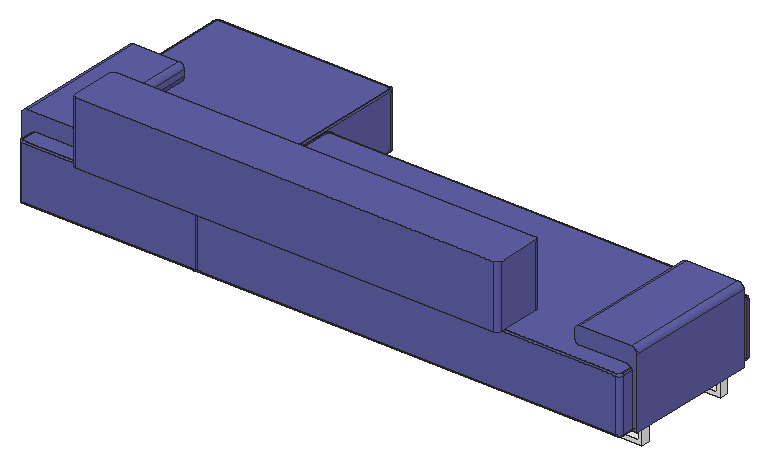
Revit family "9a7926f242b04e8d866ec4b82622f1d8", category Mobilier, Revit 2021
Family settings
  Basée sur le plan de construction = Non
  Toujours verticalement = Oui
  Couper avec des vides une fois chargée = Non
  Partagée = Non
  Point de calcul de pièce = Non
Parameters (values of type "Modèle avec îlot")
  Manufacturer = ""
  Pieds = Métal - Chrome
  Canapé [instance] = Cuir - Bleu
  Elévation par défaut = 0 mm
Reference planes
  plane 1 "Centre (avant/arrière)": y = 0
  plane 2: z = 0
  plane 3 "Centre (gauche/droite)": x = 0
  plane 4: y = 210
  plane 5: y = 810
  plane 6: y = 1410
Forms (mm)
  Extrusion 1, solid, material "Cuir - Bleu" <- "Canapé"
    sketch origin (0, 0, 460) x (1, 0, 0) y (0, 1, 0)
      loop
        arc (-1285.218, 313.341) -> (-1302.679, 306.109) -> (-1309.911, 288.648) r 24.693
        line (-1309.911, 288.648) -> (-1309.911, 24.693)
        arc (-1309.911, 24.693) -> (-1302.679, 7.232) -> (-1285.218, 0) r 24.693
        line (-1285.218, 0) -> (1285.218, 0)
        arc (1285.218, 0) -> (1302.679, 7.232) -> (1309.911, 24.693) r 24.693
        line (1309.911, 24.693) -> (1309.911, 288.648)
        arc (1309.911, 288.648) -> (1302.679, 306.109) -> (1285.218, 313.341) r 24.693
        line (1285.218, 313.341) -> (-1285.218, 313.341)
    from 0 to 385
  Extrusion 2, solid, material "Cuir - Bleu" <- "Canapé"
    sketch origin (0, 0, 115) x (1, 0, 0) y (0, 1, 0)
      loop
        line (-591.622, 50.432) -> (-591.622, 1542.014)
        arc (-591.622, 1542.014) -> (-595.925, 1552.404) -> (-606.315, 1556.708) r 14.693
        line (-606.315, 1556.708) -> (-1649.364, 1556.708)
        arc (-1649.364, 1556.708) -> (-1659.754, 1552.404) -> (-1664.057, 1542.014) r 14.693
        line (-1664.057, 1542.014) -> (-1664.057, 65.125)
        arc (-1664.057, 65.125) -> (-1659.754, 54.735) -> (-1649.364, 50.432) r 14.693
        line (-1649.364, 50.432) -> (-591.622, 50.432)
      loop
        line (-561.505, 50.432) -> (2003.394, 50.432)
        arc (2003.394, 50.432) -> (2013.784, 54.735) -> (2018.088, 65.125) r 14.693
        line (2018.088, 65.125) -> (2018.088, 1016.409)
        arc (2018.088, 1016.409) -> (2013.784, 1026.799) -> (2003.394, 1031.103) r 14.693
        line (2003.394, 1031.103) -> (-546.812, 1031.103)
        arc (-546.812, 1031.103) -> (-557.202, 1026.799) -> (-561.505, 1016.409) r 14.693
        line (-561.505, 1016.409) -> (-561.505, 50.432)
    from 0 to 345
  Extrusion 3, solid, material "Cuir - Bleu" <- "Canapé"
    sketch origin (0, 0, 0) x (1, 0, 0) y (0, 0, 1)
      loop
        line (-1724.67, 115.916) -> (-1674.095, 115.916) -> (-1674.095, 441.718)
        arc (-1674.095, 441.718) -> (-1663.863, 466.421) -> (-1639.159, 476.654) r 34.935
        line (-1639.159, 476.654) -> (-1415.69, 476.654)
        arc (-1415.69, 476.654) -> (-1390.987, 486.886) -> (-1380.755, 511.589) r 34.935
        line (-1380.755, 511.589) -> (-1380.755, 546.448)
        arc (-1380.755, 546.448) -> (-1390.987, 571.151) -> (-1415.69, 581.384) r 34.935
        line (-1415.69, 581.384) -> (-1689.735, 581.384)
        arc (-1689.735, 581.384) -> (-1714.438, 571.151) -> (-1724.67, 546.448) r 34.935
        line (-1724.67, 546.448) -> (-1724.67, 115.916)
      loop
        line (2028.05, 115.916) -> (2058.396, 115.916) -> (2058.396, 546.448)
        arc (2058.396, 546.448) -> (2048.163, 571.151) -> (2023.46, 581.384) r 34.935
        line (2023.46, 581.384) -> (1708.955, 581.384)
        arc (1708.955, 581.384) -> (1684.252, 571.151) -> (1674.02, 546.448) r 34.935
        line (1674.02, 546.448) -> (1674.02, 511.589)
        arc (1674.02, 511.589) -> (1684.252, 486.886) -> (1708.955, 476.654) r 34.935
        line (1708.955, 476.654) -> (1993.115, 476.654)
        arc (1993.115, 476.654) -> (2017.818, 466.421) -> (2028.05, 441.718) r 34.935
        line (2028.05, 441.718) -> (2028.05, 115.916)
    from -950.132 to -131.401
  Sweep 4, solid, material "Cuir - Bleu" <- "Canapé"
    path origin (0, 0, 0) x (1, 0, 0) y (0, 1, 0)
      loop
        line (-606.315, 1556.708) -> (-1649.364, 1556.708)
        arc (-1649.364, 1556.708) -> (-1659.754, 1552.404) -> (-1664.057, 1542.014) r 14.693
        line (-1664.057, 1542.014) -> (-1664.057, 65.125)
        arc (-1664.057, 65.125) -> (-1659.754, 54.735) -> (-1649.364, 50.432) r 14.693
        line (-1649.364, 50.432) -> (-591.622, 50.432) -> (-591.622, 1542.014)
        arc (-591.622, 1542.014) -> (-595.925, 1552.404) -> (-606.315, 1556.708) r 14.693
    profile origin (-1127.84, 1556.708, 0) x (0, -1, 0) y (0, 0, 1)
      loop
        arc (0, 460) -> (-7.071, 457.071) -> (-10, 450) r 10
        line (-10, 450) -> (-10, 125)
        arc (-10, 125) -> (-7.071, 117.929) -> (0, 115) r 10
        line (0, 115) -> (0, 460)
  Sweep 5, solid, material "Cuir - Bleu" <- "Canapé"
    path origin (0, 0, 0) x (1, 0, 0) y (0, 1, 0)
      loop
        line (2003.394, 1031.103) -> (-546.812, 1031.103)
        arc (-546.812, 1031.103) -> (-557.202, 1026.799) -> (-561.505, 1016.409) r 14.693
        line (-561.505, 1016.409) -> (-561.505, 50.432) -> (2003.394, 50.432)
        arc (2003.394, 50.432) -> (2013.784, 54.735) -> (2018.088, 65.125) r 14.693
        line (2018.088, 65.125) -> (2018.088, 1016.409)
        arc (2018.088, 1016.409) -> (2013.784, 1026.799) -> (2003.394, 1031.103) r 14.693
    profile origin (728.291, 1031.103, 0) x (0, -1, 0) y (0, 0, 1)
      loop
        arc (0, 460) -> (-7.071, 457.071) -> (-10, 450) r 10
        line (-10, 450) -> (-10, 125)
        arc (-10, 125) -> (-7.071, 117.929) -> (0, 115) r 10
        line (0, 115) -> (0, 460)
  Extrusion 6, solid, material "Métal - Chrome" <- "Pieds"
    sketch origin (0, 860, 0) x (1, 0, 0) y (0, 0, 1)
      loop
        line (-1676.433, 115.916) -> (-1676.433, 0) -> (-1582.923, 0) -> (-1582.923, 23.14) -> (-1653.621, 23.14) -> (-1653.621, 115.916) -> (-1676.433, 115.916)
      loop
        line (-634.698, 115.916) -> (-634.698, 23.14) -> (-705.397, 23.14) -> (-705.397, 0) -> (-611.887, 0) -> (-611.887, 115.916) -> (-634.698, 115.916)
    from 0 to 50
  Extrusion 7, solid, material "Métal - Chrome" <- "Pieds"
    sketch origin (0, 260, 0) x (1, 0, 0) y (0, 0, 1)
      loop
        line (-1676.433, 115.916) -> (-1676.433, 0) -> (-1582.923, 0) -> (-1582.923, 23.14) -> (-1653.621, 23.14) -> (-1653.621, 115.916) -> (-1676.433, 115.916)
      loop
        line (-634.698, 115.916) -> (-634.698, 23.14) -> (-705.397, 23.14) -> (-705.397, 0) -> (-611.887, 0) -> (-611.887, 115.916) -> (-634.698, 115.916)
    from 0 to 50
  Extrusion 8, solid, material "Métal - Chrome" <- "Pieds"
    sketch origin (0, 1460, 0) x (1, 0, 0) y (0, 0, 1)
      loop
        line (-1676.433, 115.916) -> (-1676.433, 0) -> (-1582.923, 0) -> (-1582.923, 23.14) -> (-1653.621, 23.14) -> (-1653.621, 115.916) -> (-1676.433, 115.916)
      loop
        line (-634.698, 115.916) -> (-634.698, 23.14) -> (-705.397, 23.14) -> (-705.397, 0) -> (-611.887, 0) -> (-611.887, 115.916) -> (-634.698, 115.916)
    from 0 to 50
  Extrusion 9, solid, material "Métal - Chrome" <- "Pieds"
    sketch origin (0, 260, 0) x (1, 0, 0) y (0, 0, 1)
      loop
        line (2005.239, 23.14) -> (1674.02, 23.14) -> (1674.02, 0) -> (2028.05, 0) -> (2028.05, 115.916) -> (2005.239, 115.916) -> (2005.239, 23.14)
    from 0 to 50
  Extrusion 10, solid, material "Métal - Chrome" <- "Pieds"
    sketch origin (0, 860, 0) x (1, 0, 0) y (0, 0, 1)
      loop
        line (2005.239, 23.14) -> (1674.02, 23.14) -> (1674.02, 0) -> (2028.05, 0) -> (2028.05, 115.916) -> (2005.239, 115.916) -> (2005.239, 23.14)
    from 0 to 50
